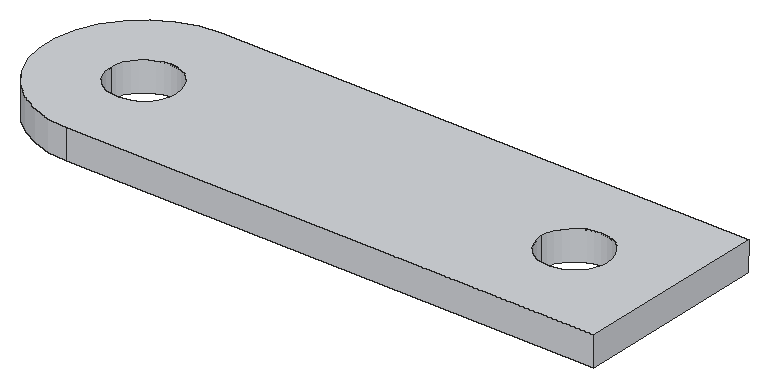
Revit family "Fitting-Flat_Plate-Unistrut-P2325", category Specialty Equipment, Revit 2012
Parameters (values of type "P2325")
  ecoScorecard_data = "http://products.ecoscorecard.com/atkore/P2325"
  ecoScorecard Product Page = "http://products.ecoscorecard.com/atkore/P2325?action=html"
  Weight Per Piece = 0.55 lbf
  Unit = none
  Unistrut Part Number = "P2325"  # constant formula
  URL = "http://unistrut.us/index.php"
  Thickness = 0' - 0 1/4"  # constant formula
  Subcategory = "Flat Plate Fittings"  # constant formula
  Product Page URL = "http://unistrut.us/index.php?WP=cat_detail&S=S05&P=P2325"
  Power Strut Part Number = "PS 618"  # constant formula
  Part Type = "Fitting"  # constant formula
  Overall Width = 0' - 1 5/8"  # constant formula
  Overall Length = 0' - 5 1/4"  # constant formula
  Model = "P2325"  # constant formula
  Material = ""
  Manufacturer Phone - Toll Free = "800-882-5543"  # constant formula
  Manufacturer Phone = "708-339-1610"  # constant formula
  Manufacturer Fax = "708-339-7814"  # constant formula
  Manufacturer Email = "mailto:jshaw@atkore.com"
  Manufacturer Address = "16100 South Lathrop Avenue, Harvey, IL 60426"  # constant formula
  Manufacturer = "Unistrut by Atkore International"  # constant formula
  Load Capacity Note = "Visit the product page for load application and capacity."  # constant formula
  Literature URL = "http://unistrut.us/index.php?WP=LItLibrary"
  Hole Diameter = 0' - 0 9/16"  # constant formula
  Cost Info = "mailto:jshaw@atkore.com"
  CAD URL = "http://unistrut.us/index.php?WP=CAD3d"
  Assembly Code = "D5020100"
  95 CSI = "16070"  # constant formula
  04 CSI = "26 05 48"  # constant formula
Reference planes (in)
  plane 1 "Center (Front/Back)": y = 0
  plane 2: z = 0
  plane 3 "Center (Left/Right)": x = 0
  plane 4: y = 0.8125
  plane 5: y = -0.8125
  plane 6: x = -2.625
  plane 7: x = 2.625
  plane 8: z = 0.25
  plane 9: x = 1.8125
  plane 10: x = -1.8125
Dimensions and locks (in)
  equal spacing: plane 6, plane 3 "Center (Left/Right)", plane 7
  "Overall Length": plane 6 to plane 7
  equal spacing: plane 4, plane 1 "Center (Front/Back)", plane 5
  "Overall Width": plane 4 to plane 5
  "Thickness": plane 8 to plane 2
  aligned and locked: level to plane 2
  aligned and locked: plane 3 "Center (Left/Right)" to nested 1
  aligned and locked: plane 1 "Center (Front/Back)" to nested 1
  aligned and locked: plane 8 to nested 1
Nested families (in)
  nested 1: "P232" at (0, 0, 0), type "P232"
Definition of nested family "P232"
  Parameters (values of type "P232")
    Width = 0' - 1 5/8"
    Unit = none
    Thickness = 0' - 0 1/4"
    Radiuis = Diameter / 2  # 0' - 0 9/32"
    Length = 0' - 5 1/4"
    Diameter = 0' - 0 9/16"
  Reference planes (in)
    plane 1 "Center (Front/Back)": y = 0
    plane 2: z = 0
    plane 3 "Center (Left/Right)": x = 0
    plane 4: y = 0.8125
    plane 5: y = -0.8125
    plane 6: x = -2.625
    plane 7: x = 2.625
    plane 8: z = 0.25
    plane 9: x = -1.8125
    plane 10: x = 1.8125
  Forms (in)
    Extrusion 1, solid, material <- "Unit"
      sketch origin (0, 0, 0) x (1, 0, 0) y (0, 1, 0)
        loop
          arc (-1.8125, 0.8125) -> (-2.625, 0) -> (-1.8125, -0.8125) r 0.8125
          line (-1.8125, -0.8125) -> (2.625, -0.8125) -> (2.625, 0.8125) -> (-1.8125, 0.8125)
        loop
          circle (-1.8125, 0) r 0.28125
        loop
          circle (1.8125, 0) r 0.28125
      from 0 to 0.25
  Dimensions and locks (in)
    equal spacing: plane 6, plane 3 "Center (Left/Right)", plane 7
    "Length": plane 6 to plane 7
    equal spacing: plane 4, plane 1 "Center (Front/Back)", plane 5
    "Width": plane 4 to plane 5
    "Thickness": plane 8 to plane 2
    locked: plane 6 to Extrusion 1 sketch curve at 0
    locked: plane 6 to Extrusion 1 sketch curve at 0.8125
    locked: Extrusion 1 sketch curve to plane 7 at 0.8125
    "Radiuis": radius of Extrusion 1 sketch curve  (x2)
    radius of Extrusion 1 sketch curve = 0' - 0 9/32"
    aligned and locked: level to plane 2
    aligned and locked: Extrusion 1 sketch curve to plane 4
    aligned and locked: plane 5 to Extrusion 1 sketch curve
    aligned and locked: plane 7 to Extrusion 1 sketch curve
    aligned and locked: plane 1 "Center (Front/Back)" to Extrusion 1 sketch curve
    aligned and locked: Extrusion 1 to level
    aligned and locked: plane 8 to Extrusion 1
  Automatic sketch dimensions
    plane 1 "Center (Front/Back)" to Extrusion 1 sketch curve = 0' - 0"
